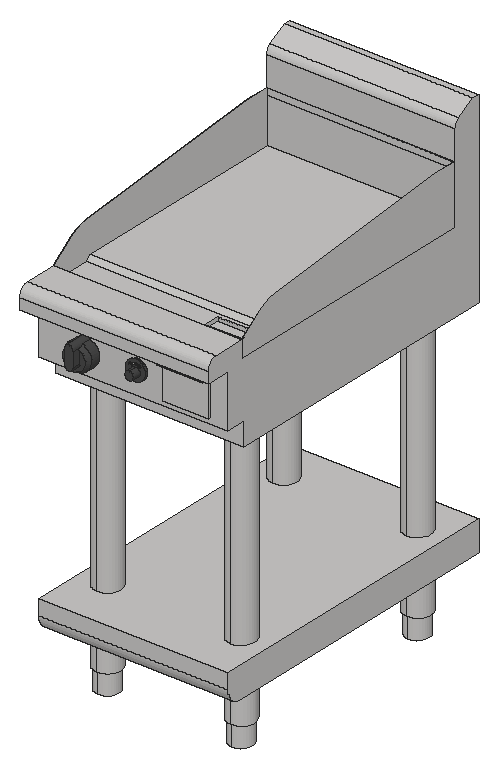
Revit family "QF_MOFFAT WALDORF_GP8450G-LS", category Specialty Equipment, Revit 2012
Parameters
  Width [instance] = 17.71654"  # constant formula
  Weight in Pounds = 198.4158
  URL Cutsheet = "www.moffat.com"
  URL = "www.moffat.com"
  Type Mark [instance] = ""
  Status [instance] = ""
  Specification by User [instance] = ""
  Specification by Manufacturer = ""
  Show Casters [instance] = no
  Serial Number = ""
  Seismic Rating = ""
  SMACNA No = ""
  Revision Code [instance] = ""
  Omniclass Number and Title = ""
  NAFEM Spec ID Number = ""
  Model = "GP8450G-LS"
  Mechanical Remarks [instance] = ""
  Mechanical Connection Type [instance] = ""
  Masterspec = ""
  Manufacturer = "MOFFAT WALDORF"
  Legs [instance] = not(Show Casters)  # yes
  Item Number [instance] = ""
  Installed By [instance] = ""
  Identify Quantity as Lot [instance] = yes
  Height [instance] = 44.48819"  # constant formula
  Gas Size = 3/4"
  Gas RI Height [instance] = 0"
  Gas KW [instance] = 11.1
  Gas Input [instance] = 37913.0 Btu/h
  Gas Connection Height = 0"
  Furnished By [instance] = ""
  Foodservice Equipment Identifier [instance] = yes
  Description = "GRIDDLE PLATE GAS ON LEG STAND"
  Depth [instance] = 31.69291"  # constant formula
  CSI MasterFormat = ""
  CSI Master Format = ""
  Base Height [instance] = 5.90551"  # constant formula
Reference planes (in)
  plane 1 "BACK": y = 0
  plane 2: z = 0
  plane 3 "LEFT": x = 0
  plane 4 "RIGHT": x = 17.71654
  plane 5 "FRONT": y = -31.69291
  plane 6 "TOP": z = 44.48819
  plane 7 "Center Y": x = 8.85827
  plane 8 "Center X": y = -15.84646
  plane 9: z = 5.90551
Forms (in)
  Extrusion 1, solid, material "QF_Finishes_Stainless Steel"
    sketch origin (0, 0, 0) x (0, 1, 0) y (0, 0, 1)
      loop
        line (-31.69291, 35.07874) -> (-31.69291, 34.09449) -> (-29.48819, 34.09449) -> (-29.48819, 29.13386) -> (-27.51969, 29.13386) -> (-27.51969, 26.9685) -> (0, 26.9685) -> (0, 44.48819) -> (-0.64961, 44.48819) -> (-2.31138, 43.52877)
        arc (-2.31138, 43.52877) -> (-2.63679, 43.20335) -> (-2.75591, 42.75882) r 0.88906
        line (-2.75591, 42.75882) -> (-2.75591, 34.44882) -> (-27.75591, 34.44882) -> (-27.75591, 36.02362) -> (-30.74803, 36.02362)
        arc (-30.74803, 36.02362) -> (-31.41616, 35.74687) -> (-31.69291, 35.07874) r 0.94488
      loop
        line (0, 8.75984) -> (-29.48819, 8.75984) -> (-29.48819, 7.40157)
        arc (-29.48819, 7.40157) -> (-29.05, 6.3437) -> (-27.99213, 5.90551) r 1.49606
        line (-27.99213, 5.90551) -> (0, 5.90551) -> (0, 8.75984)
    from 0 to 17.71654
  Extrusion 2, solid, material "QF_Finishes_Stainless Steel"
    sketch origin (0, -27.51969, 25.7874) x (1, 0, 0) y (0, -1, 0)
      loop
        circle (12.59843, -26.25984) r 0.5315
    from 0 to -1.1811
  Revolve 3, solid, material "QF_Finishes_Black"
    sketch origin (4.72487, 0, 23.61706) x (0, 1, 0) y (0, 0, -1)
      loop
        line (-30.7874, -9.03543) -> (-29.88189, -9.03543) -> (-29.88189, -7.95276) -> (-29.48819, -7.95276) -> (-29.48819, -7.75591) -> (-31.22047, -7.75591) -> (-31.22047, -8.80517) -> (-30.7874, -9.03543)
      axis (-31.22047, -7.75591) -> (-29.48819, -7.75591)
    angle from 0 to 360
  Extrusion 4, solid, material "QF_Finishes_Black"
    sketch origin (10.16855, 0, 23.62328) x (-1, 0, 0) y (0, 0, -1)
      loop
        arc (5.83784, -7.40294) -> (5.44414, -7.00924) -> (5.05044, -7.40294) r 0.3937
        line (5.05044, -7.40294) -> (5.05044, -8.7783)
        arc (5.05044, -8.7783) -> (5.44414, -9.172) -> (5.83784, -8.7783) r 0.3937
        line (5.83784, -8.7783) -> (5.83784, -7.40294)
    from 29.88189 to 31.81102
  Revolve 5, solid, material "QF_Finishes_Stainless Steel", visible <- "Legs"
    sketch origin (2.55906, -6.49606, 0) x (0, 1, 0) y (0, 0, 1)
      loop
        line (1.30906, 5.90551) -> (1.30906, 1.9685) -> (1.47638, 1.9685) -> (1.47638, 0) -> (2.55906, 0) -> (2.55906, 5.90551) -> (1.30906, 5.90551)
      axis (2.55906, 5.90551) -> (2.55906, 0)
    angle from 0 to 360
  Revolve 6, solid, material "QF_Finishes_Stainless Steel"
    sketch origin (2.55906, -28.93701, 0) x (0, 1, 0) y (0, 0, 1)
      loop
        line (3.08071, 5.90551) -> (3.08071, 1.9685) -> (3.24803, 1.9685) -> (3.24803, 0) -> (4.33071, 0) -> (4.33071, 5.90551) -> (3.08071, 5.90551)
      axis (4.33071, 5.90551) -> (4.33071, 0)
    angle from 0 to 360
  Revolve 7, solid, material "QF_Finishes_Stainless Steel", visible <- "Legs"
    sketch origin (15.11811, -6.49606, 0) x (0, 1, 0) y (0, 0, -1)
      loop
        line (1.30906, -5.90551) -> (2.55906, -5.90551) -> (2.55906, 0) -> (1.47638, 0) -> (1.47638, -1.9685) -> (1.30906, -1.9685) -> (1.30906, -5.90551)
      axis (2.55906, -5.90551) -> (2.55906, 0)
    angle from 0 to 360
  Revolve 8, solid, material "QF_Finishes_Stainless Steel"
    sketch origin (15.11811, -28.93701, 0) x (0, 1, 0) y (0, 0, -1)
      loop
        line (3.08071, -5.90551) -> (4.33071, -5.90551) -> (4.33071, 0) -> (3.24803, 0) -> (3.24803, -1.9685) -> (3.08071, -1.9685) -> (3.08071, -5.90551)
      axis (4.33071, -5.90551) -> (4.33071, 0)
    angle from 0 to 360
  Extrusion 9, solid, material "QF_Finishes_Stainless Steel"
    sketch origin (0, -27.51969, 8.75984) x (0, -1, 0) y (1, 0, 0)
      loop
        circle (-23.58268, 2.55906) r 1.25
      loop
        circle (-23.58268, 15.11811) r 1.25
      loop
        circle (-2.91339, 2.55906) r 1.25
      loop
        circle (-2.91339, 15.11811) r 1.25
    from 0 to 18.20866
  Extrusion 10, solid, material "QF_Finishes_Black"
    sketch origin (0, -29.48819, 34.09449) x (0, 0, -1) y (1, 0, 0)
      loop
        circle (2.75591, 9.25197) r 0.94488
      loop
        arc (2.36615, 9.83911) -> (2.04976, 9.25688) -> (2.35757, 8.67006) r 0.70345
        arc (2.35757, 8.67006) -> (2.37646, 8.65882) -> (2.39675, 8.6673) r 0.02445
        arc (2.39675, 8.6673) -> (2.45331, 8.76803) -> (2.46685, 8.88276) r 0.29507
        arc (2.46685, 8.88276) -> (2.45881, 8.91929) -> (2.44117, 8.95227) r 0.1367
        arc (2.44117, 8.95227) -> (2.35096, 9.24611) -> (2.4348, 9.54183) r 0.54277
        arc (2.4348, 9.54183) -> (2.46, 9.5918) -> (2.47043, 9.64678) r 0.20083
        arc (2.47043, 9.64678) -> (2.45584, 9.74594) -> (2.40486, 9.83223) r 0.26029
        arc (2.40486, 9.83223) -> (2.3867, 9.84239) -> (2.36615, 9.83911) r 0.03175
    from 0 to 0.19685
  Extrusion 11, solid, material "QF_Finishes_Black"
    sketch origin (0, -29.68504, 34.09449) x (0, 0, -1) y (1, 0, 0)
      loop
        circle (2.8937, 9.25197) r 0.3937
    from 0 to 0.71853
  Extrusion 12, solid, material "QF_Finishes_Stainless Steel"
    sketch origin (0, -29.48819, 34.09449) x (0, 0, -1) y (1, 0, 0)
      loop
        line (1.04331, 11.73228) -> (4.4685, 11.73228) -> (4.4685, 16.06299) -> (1.04331, 16.06299) -> (1.04331, 11.73228)
    from 0 to 0.09843
  Extrusion 13, solid, material "QF_Finishes_Stainless Steel"
    sketch origin (0, 0, 0) x (0, 1, 0) y (0, 0, 1)
      loop
        line (-29.58661, 33.05118) -> (-30.30296, 33.05118) -> (-30.30296, 32.95276) -> (-29.58661, 32.95276) -> (-29.58661, 33.05118)
    from 11.73228 to 16.06299
  Extrusion 14, solid, material "QF_Finishes_Stainless Steel"
    sketch origin (0, 0, 0) x (0, 1, 0) y (0, 0, 1)
      loop
        line (-2.75591, 34.44882) -> (-2.75591, 40.05906) -> (-4.99794, 40.05906) -> (-23.79656, 38.24895)
        arc (-23.79656, 38.24895) -> (-24.78188, 38.02374) -> (-25.67739, 37.55508) r 3.93701
        line (-25.67739, 37.55508) -> (-27.7324, 36.11615) -> (-27.7324, 34.44882) -> (-2.75591, 34.44882)
    from 0 to 0.07087
  Extrusion 15, solid, material "QF_Finishes_Stainless Steel"
    sketch origin (17.71654, 0, 0) x (0, -1, 0) y (0, 0, 1)
      loop
        line (2.75591, 34.44882) -> (27.7324, 34.44882) -> (27.7324, 36.11615) -> (25.67739, 37.55508)
        arc (25.67739, 37.55508) -> (24.78188, 38.02374) -> (23.79656, 38.24895) r 3.93701
        line (23.79656, 38.24895) -> (4.99794, 40.05906) -> (2.75591, 40.05906) -> (2.75591, 34.44882)
    from 0 to 0.04724
  Extrusion 16, solid, material "QF_Finishes_Stainless Steel"
    sketch origin (0, 0, 0) x (0, 1, 0) y (0, 0, 1)
      loop
        line (-2.75591, 35.23622) -> (-23.66142, 35.23622) -> (-24.0748, 34.82283) -> (-27.7324, 34.82283) -> (-27.7324, 34.44882) -> (-2.75591, 34.44882) -> (-2.75591, 35.23622)
    from 0.07087 to 17.66929
  Extrusion 17, void
    sketch origin (0, -24.0748, 34.82283) x (0, -1, 0) y (1, 0, 0)
      loop
        line (0.3937, 16.31102) -> (0.3937, 12.82677) -> (1.90945, 12.82677) -> (1.90945, 16.31102) -> (0.3937, 16.31102)
    from -1.62994 to 1.5804
  Extrusion 18, solid, material "QF_Finishes_Stainless Steel"
    sketch origin (0, -2.75591, 42.75882) x (0, 0, -1) y (1, 0, 0)
      loop
        line (2.69976, 0.07087) -> (3.29032, 0.07087) -> (3.29032, 17.66929) -> (2.69976, 17.66929) -> (2.69976, 0.07087)
    from 0 to 0.06626
Cuts and joins
  joined: Extrusion 12, Extrusion 13
  Extrusion 17 cuts Extrusion 16
  joined: Extrusion 14, Extrusion 15, Extrusion 18
Lines and regions (in)
  Split face 1
    outline origin (0, -0.64961, 44.48819) x (0, -0.866025, -0.5) y (1, 0, 0)
      loop
        line (0.17169, 0.93457) -> (1.64175, 0.93457) -> (1.64175, 1.66045) -> (0.17169, 1.66045) -> (0.17169, 0.93457)
  Split face 2
    outline origin (2.16535, -0.64961, 44.48819) x (0, -0.866025, -0.5) y (1, 0, 0)
      loop
        line (0.17169, 0.93457) -> (1.64175, 0.93457) -> (1.64175, 1.66045) -> (0.17169, 1.66045) -> (0.17169, 0.93457)
  Split face 3
    outline origin (4.33071, -0.64961, 44.48819) x (0, -0.866025, -0.5) y (1, 0, 0)
      loop
        line (0.17169, 0.93457) -> (1.64175, 0.93457) -> (1.64175, 1.66045) -> (0.17169, 1.66045) -> (0.17169, 0.93457)
  Split face 4
    outline origin (6.49606, -0.64961, 44.48819) x (0, -0.866025, -0.5) y (1, 0, 0)
      loop
        line (0.17169, 0.93457) -> (1.64175, 0.93457) -> (1.64175, 1.66045) -> (0.17169, 1.66045) -> (0.17169, 0.93457)
  Split face 5
    outline origin (8.65245, -0.5608, 44.53946) x (0, -0.866025, -0.5) y (1, 0, 0)
      loop
        line (0.17169, 0.93457) -> (1.64175, 0.93457) -> (1.64175, 1.66045) -> (0.17169, 1.66045) -> (0.17169, 0.93457)
  Split face 6
    outline origin (10.8178, -0.5608, 44.53946) x (0, -0.866025, -0.5) y (1, 0, 0)
      loop
        line (0.17169, 0.93457) -> (1.64175, 0.93457) -> (1.64175, 1.66045) -> (0.17169, 1.66045) -> (0.17169, 0.93457)
  Split face 7
    outline origin (12.98315, -0.5608, 44.53946) x (0, -0.866025, -0.5) y (1, 0, 0)
      loop
        line (0.17169, 0.93457) -> (1.64175, 0.93457) -> (1.64175, 1.66045) -> (0.17169, 1.66045) -> (0.17169, 0.93457)
  Split face 8
    outline origin (15.14851, -0.5608, 44.53946) x (0, -0.866025, -0.5) y (1, 0, 0)
      loop
        line (0.17169, 0.93457) -> (1.64175, 0.93457) -> (1.64175, 1.66045) -> (0.17169, 1.66045) -> (0.17169, 0.93457)
  symbolic lines
    curve 1: line (0, 0, 0) -> (0, -31.69291, 0)
    curve 2: line (17.71654, 0, 0) -> (0, 0, 0)
    curve 3: line (17.71654, -31.69291, 0) -> (17.71654, 0, 0)
    curve 4: line (0, -2.75591, 0) -> (17.71654, -2.75591, 0)
    curve 5: line (0, -31.69291, 0) -> (17.71654, -31.69291, 0)
    curve 6: line (17.71654, -27.75591, 0) -> (0, -27.75591, 0)
    curve 7: line (0.07087, -24.0748, 0) -> (17.65748, -24.0748, 0)
    curve 8: line (17.65748, -23.66142, 0) -> (0.07087, -23.66142, 0)
    curve 9: line (12.81496, -25.98425, 0) -> (12.81496, -24.4685, 0)
    curve 10: line (12.81496, -24.4685, 0) -> (16.29921, -24.4685, 0)
    curve 11: line (16.29921, -24.4685, 0) -> (16.29921, -25.98425, 0)
    curve 12: line (16.29921, -25.98425, 0) -> (12.81496, -25.98425, 0)
    curve 13: line (0.07087, -27.51969, 0) -> (17.66929, -27.51969, 0)
    curve 14: line (0.07087, -27.7324, 0) -> (0.07087, -2.75591, 0)
    curve 15: line (17.66929, -2.75591, 0) -> (17.66929, -27.7324, 0)
    curve 16: line (0.93457, -2.0714, 0) -> (0.93457, -0.79829, 0)
    curve 17: line (0.93457, -0.79829, 0) -> (1.66045, -0.79829, 0)
    curve 18: line (1.66045, -0.79829, 0) -> (1.66045, -2.0714, 0)
    curve 19: line (1.66045, -2.0714, 0) -> (0.93457, -2.0714, 0)
    curve 20: line (3.09992, -2.0714, 0) -> (3.09992, -0.79829, 0)
    curve 21: line (3.09992, -0.79829, 0) -> (3.82581, -0.79829, 0)
    curve 22: line (3.82581, -0.79829, 0) -> (3.82581, -2.0714, 0)
    curve 23: line (3.82581, -2.0714, 0) -> (3.09992, -2.0714, 0)
    curve 24: line (5.26527, -2.0714, 0) -> (5.26527, -0.79829, 0)
    curve 25: line (5.26527, -0.79829, 0) -> (5.99116, -0.79829, 0)
    curve 26: line (5.99116, -0.79829, 0) -> (5.99116, -2.0714, 0)
    curve 27: line (5.99116, -2.0714, 0) -> (5.26527, -2.0714, 0)
    curve 28: line (7.43063, -0.79829, 0) -> (7.43063, -2.0714, 0)
    curve 29: line (7.43063, -2.0714, 0) -> (8.15652, -2.0714, 0)
    curve 30: line (8.15652, -2.0714, 0) -> (8.15652, -0.79829, 0)
    curve 31: line (8.15652, -0.79829, 0) -> (7.43063, -0.79829, 0)
    curve 32: line (9.58701, -1.98259, 0) -> (9.58701, -0.70948, 0)
    curve 33: line (9.58701, -0.70948, 0) -> (10.3129, -0.70948, 0)
    curve 34: line (10.3129, -0.70948, 0) -> (10.3129, -1.98259, 0)
    curve 35: line (10.3129, -1.98259, 0) -> (9.58701, -1.98259, 0)
    curve 36: line (11.75237, -1.98259, 0) -> (11.75237, -0.70948, 0)
    curve 37: line (11.75237, -0.70948, 0) -> (12.47825, -0.70948, 0)
    curve 38: line (12.47825, -0.70948, 0) -> (12.47825, -1.98259, 0)
    curve 39: line (12.47825, -1.98259, 0) -> (11.75237, -1.98259, 0)
    curve 40: line (13.91772, -0.70948, 0) -> (13.91772, -1.98259, 0)
    curve 41: line (13.91772, -1.98259, 0) -> (14.64361, -1.98259, 0)
    curve 42: line (14.64361, -1.98259, 0) -> (14.64361, -0.70948, 0)
    curve 43: line (14.64361, -0.70948, 0) -> (13.91772, -0.70948, 0)
    curve 44: line (16.08307, -0.70948, 0) -> (16.08307, -1.98259, 0)
    curve 45: line (16.08307, -1.98259, 0) -> (16.80896, -1.98259, 0)
    curve 46: line (16.80896, -1.98259, 0) -> (16.80896, -0.70948, 0)
    curve 47: line (16.80896, -0.70948, 0) -> (16.08307, -0.70948, 0)
Dimensions and locks (in)
  equal spacing: plane 3 "LEFT", plane 7 "Center Y", plane 4 "RIGHT"
  "Width": plane 3 "LEFT" to plane 4 "RIGHT"
  equal spacing: plane 5 "FRONT", plane 8 "Center X", plane 1 "BACK"
  "Depth": plane 5 "FRONT" to plane 1 "BACK"
  equal spacing: plane 4 "RIGHT", plane 7 "Center Y", plane 3 "LEFT"
  plane 4 "RIGHT" to plane 3 "LEFT" = 17.71654"
  "Height": plane 6 "TOP" to level
  Extrusion 2 to level = 25.7874"
  Extrusion 2 to plane 1 "BACK" = 1.25984"
  plane 5 "FRONT" to plane 1 "BACK" = 31.69291"
  plane 6 "TOP" to level = 44.48819"
  "Base Height": plane 9 to level
  aligned and locked: level to plane 2
  aligned and locked: curve 3 to plane 4 "RIGHT"
Automatic sketch dimensions
  Extrusion 1 sketch curve to plane 5 "FRONT" = 0"
  Extrusion 1 sketch curve to plane 6 "TOP" = 0"
  Extrusion 1 sketch curve to plane 1 "BACK" = 0"  (x2)
  Extrusion 1 sketch curve to plane 5 "FRONT" = 0.94488"
  Extrusion 1 sketch curve to plane 5 "FRONT" = 2.20472"  (x2)
  Extrusion 1 sketch curve to Extrusion 1 sketch curve = 0.44453"
  Extrusion 1 sketch curve to Extrusion 1 sketch curve = 0.88906"
  Extrusion 1 sketch curve to Extrusion 1 sketch curve = 0.64961"
  Extrusion 1 sketch curve to plane 6 "TOP" = 0.95942"
  Extrusion 1 sketch curve to plane 6 "TOP" = 8.46457"
  Extrusion 1 sketch curve to Extrusion 1 sketch curve = 1.5748"
  Extrusion 1 sketch curve to Extrusion 1 sketch curve = 0.98425"
  Extrusion 1 sketch curve to Extrusion 1 sketch curve = 4.96063"
  Extrusion 1 sketch curve to Extrusion 1 sketch curve = 7.48031"
  level to Extrusion 1 sketch curve = 8.75984"
  Extrusion 1 sketch curve to Extrusion 1 sketch curve = 1.35827"
  plane 1 "BACK" to Extrusion 2 sketch curve = 1.25984"
  plane 7 "Center Y" to Extrusion 2 sketch curve = 3.74016"
  Revolve 3 sketch curve to plane 5 "FRONT" = 0.47244"
  Revolve 3 sketch curve to Revolve 3 sketch curve = 0"  (x2)
  Revolve 3 sketch curve to Revolve 3 sketch curve = 0.43307"
  Revolve 3 sketch curve to Revolve 3 sketch curve = 1/2"
  Revolve 3 sketch curve to Revolve 3 sketch curve = 0.90551"
  Revolve 3 sketch curve to Revolve 3 sketch curve = 0.3937"
  Revolve 3 sketch curve to plane 6 "TOP" = 11.83569"
  Revolve 3 sketch curve to Revolve 3 sketch curve = 0.23027"
  Revolve 3 sketch curve to Revolve 3 sketch curve = 1.08268"
  Revolve 3 sketch curve to Revolve 3 sketch curve = 0.19685"
  Extrusion 4 sketch curve to plane 7 "Center Y" = 3.74016"
  Extrusion 4 sketch curve to Extrusion 4 sketch curve = 0.3937"
  Extrusion 4 sketch curve to plane 6 "TOP" = 12.08661"
  Extrusion 4 sketch curve to Extrusion 4 sketch curve = 1.37536"
  Revolve 5 sketch curve to level = 0"
  Revolve 5 sketch curve to Revolve 5 sketch curve = 2.16535"
  level to Revolve 5 sketch curve = 1.9685"
  Revolve 5 sketch curve to Revolve 5 sketch curve = 0"
  Revolve 5 sketch curve to Revolve 5 sketch curve = 3.93701"
  Revolve 6 sketch curve to level = 0"
  Revolve 6 sketch curve to Revolve 6 sketch curve = 2.16535"
  level to Revolve 6 sketch curve = 1.9685"
  Revolve 6 sketch curve to Revolve 6 sketch curve = 0"
  Revolve 6 sketch curve to Revolve 6 sketch curve = 3.93701"
  Revolve 7 sketch curve to level = 0"
  level to Revolve 7 sketch curve = 1.9685"
  Revolve 7 sketch curve to Revolve 7 sketch curve = 0"
  Revolve 7 sketch curve to Revolve 7 sketch curve = 3.93701"
  Revolve 7 sketch curve to Revolve 7 sketch curve = 2.16535"
  Revolve 8 sketch curve to level = 0"
  level to Revolve 8 sketch curve = 1.9685"
  Revolve 8 sketch curve to Revolve 8 sketch curve = 0"
  Revolve 8 sketch curve to Revolve 8 sketch curve = 3.93701"
  Revolve 8 sketch curve to Revolve 8 sketch curve = 2.16535"
  plane 3 "LEFT" to Extrusion 9 sketch curve = 2.55906"  (x2)
  plane 4 "RIGHT" to Extrusion 9 sketch curve = 2.59843"  (x2)
  Extrusion 1 to Extrusion 10 sketch curve = 2.17271"
  Extrusion 10 sketch curve to Extrusion 10 sketch curve = 0.03772"
  Extrusion 10 sketch curve to Extrusion 10 sketch curve = 0.0594"
  Extrusion 10 sketch curve to Extrusion 10 sketch curve = 0.15788"
  Extrusion 10 sketch curve to Extrusion 10 sketch curve = 0.02698"
  Extrusion 10 sketch curve to Extrusion 10 sketch curve = 0.09632"
  Extrusion 10 sketch curve to Extrusion 10 sketch curve = 0.02061"
  Extrusion 10 sketch curve to Extrusion 10 sketch curve = 0.015"
  Extrusion 10 sketch curve to Extrusion 10 sketch curve = 0.01857"
  Extrusion 10 sketch curve to Extrusion 10 sketch curve = 0"  (x5)
  Extrusion 10 sketch curve to Extrusion 10 sketch curve = 0.02372"
  Extrusion 10 sketch curve to Extrusion 10 sketch curve = 0.16497"
  Extrusion 10 sketch curve to Extrusion 10 sketch curve = 0.11058"
  Extrusion 10 sketch curve to Extrusion 10 sketch curve = 0.02568"
  Extrusion 10 sketch curve to Extrusion 10 sketch curve = 0.03563"
  Extrusion 10 sketch curve to Extrusion 10 sketch curve = 0.31839"
  Extrusion 10 sketch curve to Extrusion 10 sketch curve = 0.00271"
  Extrusion 10 sketch curve to Extrusion 10 sketch curve = 0.1378"
  Extrusion 1 to Extrusion 10 sketch curve = 8.6673"
  Extrusion 10 sketch curve to Extrusion 10 sketch curve = 0.00276"
  Extrusion 10 sketch curve to Extrusion 10 sketch curve = 0.29944"
  Extrusion 10 sketch curve to Extrusion 10 sketch curve = 0.00026"
  Extrusion 1 to Extrusion 12 sketch curve = 1.04331"
  Extrusion 12 sketch curve to Extrusion 1 = 0.49213"
  Extrusion 1 to Extrusion 12 sketch curve = 5.98425"
  Extrusion 1 to Extrusion 12 sketch curve = 1.65354"
  Extrusion 13 sketch curve to plane 5 "FRONT" = 1.38995"
  Extrusion 13 sketch curve to Extrusion 13 sketch curve = 0.71635"
  Extrusion 13 sketch curve to plane 6 "TOP" = 11.53543"
  Extrusion 13 sketch curve to Extrusion 13 sketch curve = 0.09843"
  Extrusion 14 sketch curve to plane 6 "TOP" = 10.15812"
  Extrusion 14 sketch curve to Extrusion 14 sketch curve = 0.11875"
  Extrusion 14 sketch curve to Extrusion 14 sketch curve = 1.66733"
  Extrusion 14 sketch curve to Extrusion 14 sketch curve = 1.43893"
  Extrusion 14 sketch curve to plane 6 "TOP" = 4.42913"
  Extrusion 15 sketch curve to plane 6 "TOP" = 10.15812"
  Extrusion 15 sketch curve to Extrusion 15 sketch curve = 0.11875"
  Extrusion 15 sketch curve to Extrusion 15 sketch curve = 1.66733"
  Extrusion 15 sketch curve to Extrusion 15 sketch curve = 1.43893"
  Extrusion 15 sketch curve to plane 6 "TOP" = 4.42913"
  Extrusion 16 sketch curve to plane 6 "TOP" = 10.03937"
  Extrusion 16 sketch curve to Extrusion 16 sketch curve = 0.37402"
  Extrusion 16 sketch curve to Extrusion 16 sketch curve = 0.41339"  (x2)
  Extrusion 16 to Extrusion 17 sketch curve = 0.3937"
  Extrusion 17 sketch curve to Extrusion 17 sketch curve = 1.51575"
  Extrusion 16 to Extrusion 17 sketch curve = 4.84252"
  Extrusion 16 to Extrusion 17 sketch curve = 1.35827"
  Extrusion 1 to Split face 1 sketch curve = 0.17169"
  Split face 1 sketch curve to Extrusion 1 = 0.2771"
  Split face 1 sketch curve to Extrusion 1 = 0.93457"
  Split face 1 sketch curve to Split face 1 sketch curve = 0.72589"
  Extrusion 1 to Split face 2 sketch curve = 0.17169"
  Split face 2 sketch curve to Extrusion 1 = 0.2771"
  Split face 2 sketch curve to Extrusion 1 = 3.09992"
  Split face 2 sketch curve to Split face 2 sketch curve = 0.72589"
  Extrusion 1 to Split face 3 sketch curve = 0.17169"
  Split face 3 sketch curve to Extrusion 1 = 0.2771"
  Split face 3 sketch curve to Extrusion 1 = 5.26527"
  Split face 3 sketch curve to Split face 3 sketch curve = 0.72589"
  Extrusion 1 to Split face 4 sketch curve = 0.17169"
  Split face 4 sketch curve to Extrusion 1 = 0.2771"
  Split face 4 sketch curve to Extrusion 1 = 7.43063"
  Split face 4 sketch curve to Split face 4 sketch curve = 0.72589"
  Extrusion 1 to Split face 5 sketch curve = 0.06914"
  Split face 5 sketch curve to Extrusion 1 = 0.37965"
  Split face 5 sketch curve to Extrusion 1 = 8.12952"
  Split face 5 sketch curve to Split face 5 sketch curve = 0.72589"
  Extrusion 1 to Split face 6 sketch curve = 0.06914"
  Split face 6 sketch curve to Extrusion 1 = 0.37965"
  Split face 6 sketch curve to Extrusion 1 = 5.96417"
  Split face 6 sketch curve to Split face 6 sketch curve = 0.72589"
  Extrusion 1 to Split face 7 sketch curve = 0.06914"
  Split face 7 sketch curve to Extrusion 1 = 0.37965"
  Split face 7 sketch curve to Extrusion 1 = 3.79881"
  Split face 7 sketch curve to Split face 7 sketch curve = 0.72589"
  Extrusion 1 to Split face 8 sketch curve = 0.06914"
  Split face 8 sketch curve to Extrusion 1 = 0.37965"
  Split face 8 sketch curve to Extrusion 1 = 1.63346"
  Split face 8 sketch curve to Split face 8 sketch curve = 0.72589"
  plane 1 "BACK" to curve 1 = 0"
  curve 1 to plane 3 "LEFT" = 0"
  plane 5 "FRONT" to curve 1 = 0"
  plane 3 "LEFT" to curve 8 = 0.07087"
  plane 7 "Center Y" to curve 9 = 3.95669"
  plane 4 "RIGHT" to curve 10 = 1.41732"
  plane 4 "RIGHT" to curve 7 = 0.05906"
  plane 4 "RIGHT" to curve 8 = 0.05906"
  plane 4 "RIGHT" to curve 15 = 0.04724"
  curve 6 to curve 15 = 0.0235"
  curve 6 to curve 14 = 0.0235"
  curve 14 to curve 13 = 0.21272"
  curve 15 to curve 4 = 0"
  curve 4 to curve 14 = 0"
  plane 3 "LEFT" to curve 17 = 0.93457"
  curve 16 to curve 17 = 0.72589"
  plane 1 "BACK" to curve 16 = 0.79829"
  curve 17 to curve 20 = 1.43947"
  curve 20 to curve 22 = 0.72589"
  plane 1 "BACK" to curve 22 = 0.79829"
  curve 22 to curve 27 = 1.43947"
  curve 24 to curve 25 = 0.72589"
  plane 1 "BACK" to curve 25 = 0.79829"
  curve 29 to plane 7 "Center Y" = 1.42764"
  curve 31 to plane 7 "Center Y" = 0.70175"
  plane 1 "BACK" to curve 31 = 0.79829"
  plane 7 "Center Y" to curve 35 = 0.72874"
  curve 32 to curve 35 = 0.72589"
  plane 1 "BACK" to curve 32 = 0.70948"
  plane 1 "BACK" to curve 36 = 0.70948"
  curve 33 to curve 36 = 1.43947"
  curve 36 to curve 39 = 0.72589"
  curve 36 to curve 36 = 1.27311"
  curve 38 to curve 41 = 1.43947"
  curve 40 to curve 43 = 0.72589"
  plane 1 "BACK" to curve 43 = 0.70948"
  curve 41 to curve 44 = 1.43947"
  curve 44 to curve 47 = 0.72589"
  curve 15 to curve 45 = 0.77331"
  plane 1 "BACK" to curve 47 = 0.70948"
  curve 4 to curve 16 = 1.95761"
  curve 29 to curve 28 = 1.27311"
  curve 23 to curve 20 = 1.27311"
  curve 14 to curve 16 = 0.68451"
  curve 27 to curve 24 = 1.27311"
  curve 40 to curve 40 = 1.27311"
  curve 35 to curve 32 = 1.27311"
  Extrusion 1 sketch curve to Extrusion 1 sketch curve = 2.1063"
  plane 1 "BACK" to Revolve 5 sketch curve = 5.18701"
  Revolve 5 sketch curve to Revolve 5 sketch curve = 0.16732"
  Revolve 5 sketch curve to Revolve 5 sketch curve = 1.08268"  (x2)
  plane 1 "BACK" to Revolve 7 sketch curve = 5.18701"
  Revolve 7 sketch curve to Revolve 7 sketch curve = 0.16732"
  Revolve 7 sketch curve to Revolve 7 sketch curve = 1.08268"  (x2)
  plane 1 "BACK" to Extrusion 9 sketch curve = 5.18701"  (x2)
  Extrusion 9 sketch curve to Extrusion 9 sketch curve = 1 1/4"  (x4)
  plane 1 "BACK" to Extrusion 14 sketch curve = 4.99794"
  plane 1 "BACK" to Extrusion 14 sketch curve = 2.75591"
  plane 1 "BACK" to Extrusion 15 sketch curve = 4.99794"
  plane 1 "BACK" to Extrusion 15 sketch curve = 2.75591"
  plane 1 "BACK" to Extrusion 16 sketch curve = 2.75591"
  curve 11 to curve 10 = 1.51575"
  curve 7 to curve 8 = 0.41339"
  Revolve 6 sketch curve to Revolve 6 sketch curve = 1.08268"  (x2)
  Revolve 8 sketch curve to Revolve 8 sketch curve = 1.08268"  (x2)
  Extrusion 14 sketch curve to Extrusion 14 sketch curve = 1.88083"
  Extrusion 15 sketch curve to Extrusion 15 sketch curve = 1.88083"
  curve 6 to plane 5 "FRONT" = 3.93701"
  curve 13 to curve 12 = 1.53543"
  curve 13 to curve 7 = 3.44488"
  Extrusion 1 sketch curve to Extrusion 1 sketch curve = 1.49606"
  Extrusion 1 sketch curve to Extrusion 1 sketch curve = 1.73228"
  Extrusion 1 sketch curve to Extrusion 1 sketch curve = 1.9685"
  Revolve 6 sketch curve to plane 5 "FRONT" = 5.83661"
  Revolve 6 sketch curve to Revolve 6 sketch curve = 0.16732"
  Revolve 8 sketch curve to plane 5 "FRONT" = 5.83661"
  Revolve 8 sketch curve to Revolve 8 sketch curve = 0.16732"
  Extrusion 9 sketch curve to Extrusion 9 sketch curve = 0"  (x2)
  Extrusion 9 sketch curve to plane 8 "Center X" = 7.50984"  (x2)
  Extrusion 14 sketch curve to plane 8 "Center X" = 7.57276"
  Extrusion 14 sketch curve to Extrusion 14 sketch curve = 0.37735"
  Extrusion 14 sketch curve to Extrusion 14 sketch curve = 2.05501"
  Extrusion 15 sketch curve to plane 8 "Center X" = 7.57276"
  Extrusion 15 sketch curve to Extrusion 15 sketch curve = 0.37735"
  Extrusion 15 sketch curve to Extrusion 15 sketch curve = 2.05501"
  Extrusion 16 sketch curve to plane 8 "Center X" = 7.81496"
  Extrusion 16 sketch curve to Extrusion 16 sketch curve = 3.6576"
  Extrusion 1 to Extrusion 18 sketch curve = 0.04724"
  Extrusion 18 sketch curve to Extrusion 1 = 2.69976"
  Extrusion 18 sketch curve to Extrusion 18 sketch curve = 0.59055"
  Extrusion 1 to Extrusion 18 sketch curve = 0.07087"
  radius of Extrusion 2 sketch curve = 0.5315"
  radius of Extrusion 10 sketch curve = 0.94488"
  radius of Extrusion 11 sketch curve to Extrusion 10 = 0.14907"
Nested families (in)
  nested 1: "GP840G-LS-CASTERS" at (2.55906, -3.93701, 0), Show Casters <- "Show Casters", visible <- "Show Casters", type "GP840G-LS-CASTERS"
    with Type Mark "", Status "", Specification by User "", Show Casters no, Revision Code "", Item Number "", Installed By "", Identify Quantity as Lot yes, Furnished By "", Foodservice Equipment Identifier yes
  nested 2: "GP840G-LS-CASTERS" at (15.11811, -3.93701, 0), Show Casters <- "Show Casters", visible <- "Show Casters", type "GP840G-LS-CASTERS"
    with Type Mark "", Status "", Specification by User "", Show Casters no, Revision Code "", Item Number "", Installed By "", Identify Quantity as Lot yes, Furnished By "", Foodservice Equipment Identifier yes
Connectors (in)
  piping at (12.59843, -1.25984, 25.7874)
    settings: on Extrusion 2, index 1, connector radius 3/8", flow factor 0, pipe flow 0 GPM, pressure drop 0.00 psi, fitting loss kfactor 0, connector angle 0.00°, fixture units 0, engagement length 0", flow configuration 1, flow direction 1, fitting loss method 0, system type 7, joint type 0, gender type 0, connector reference index -1, connector utility 0, adjustable connector no, is connector primary yes, fitting loss table "", connector description "GAS CONNECTION"
Definition of nested family "GP840G-LS-CASTERS"
  Parameters (values of type "BTL8450-CB-CASTERS")
    Weight = ""
    URL Manufacturer = ""
    URL Cutsheet = ""
    URL = ""
    Type Mark [instance] = ""
    Status [instance] = ""
    Specification by User [instance] = ""
    Specification by Manufacturer = ""
    Show Casters [instance] = no
    Serial Number = ""
    Seismic Rating = ""
    SMACNA No = ""
    Revision Code [instance] = ""
    Omniclass Number and Title = ""
    NAFEM Spec ID Number = ""
    Model = ""
    MasterSpec. = ""
    Manufacturer = ""
    Item Number [instance] = ""
    Installed By [instance] = ""
    Identify Quantity as Lot [instance] = yes
    Furnished By [instance] = ""
    Foodservice Equipment Identifier [instance] = yes
    Description = ""
    CSI MasterFormat = ""
    CSI Master Format = ""
    Assembly Code = ""
  Reference planes (in)
    plane 1: z = 0
    plane 2 "RIGHT": x = 0
    plane 3 "FRONT": y = 0
    plane 4 "TOP": z = 7
  Forms (in)
    Revolve 1, solid, material "QF_Finishes_Stainless Steel", visible <- "Show Casters"
      sketch origin (0, 2.21793, 0) x (0, 1, 0) y (0, 0, 1)
        loop
          line (-2.21793, 6) -> (-2.21793, 5.55584) -> (-0.93693, 5.55584) -> (-0.93693, 6) -> (-2.21793, 6)
        axis (-2.21793, 5.55584) -> (-2.21793, 6)
      angle from 0 to 360
    Extrusion 2, solid, material "QF_Finishes_Stainless Steel", visible <- "Show Casters"
      sketch origin (-1.81294, 2.21793, 0) x (0, 1, 0) y (0, 0, 1)
        loop
          line (-3.37793, 5.55584) -> (-3.37793, 5.25584) -> (-3.23369, 5.25584)
          arc (-3.23369, 5.25584) -> (-3.1238, 5.20977) -> (-3.03725, 5.12786) r 0.33195
          line (-3.03725, 5.12786) -> (-1.55521, 1.94961)
          arc (-1.55521, 1.94961) -> (-0.54268, 1.81523) -> (-0.22336, 2.78544) r 0.8
          arc (-0.22336, 2.78544) -> (-0.27816, 2.89808) -> (-0.34988, 3.00079) r 0.8
          arc (-0.34988, 3.00079) -> (-0.37005, 3.3613) -> (-0.26088, 3.70547) r 1
          line (-0.26088, 3.70547) -> (0.31507, 4.78867)
          arc (0.31507, 4.78867) -> (-0.09241, 4.97284) -> (-0.5252, 5.08531) r 2.63
          line (-0.5252, 5.08531) -> (-0.54193, 5.25584) -> (-1.05793, 5.25584) -> (-1.05793, 5.55584) -> (-3.37793, 5.55584)
      from 0.78968 to 0.90247
    Extrusion 3, solid, material "QF_Finishes_Stainless Steel", visible <- "Show Casters"
      sketch origin (0.13094, 2.21793, 0) x (0, 1, 0) y (0, 0, 1)
        loop
          line (-3.37793, 5.55584) -> (-3.37793, 5.25584) -> (-3.23369, 5.25584)
          arc (-3.23369, 5.25584) -> (-3.1238, 5.20977) -> (-3.03725, 5.12786) r 0.33195
          line (-3.03725, 5.12786) -> (-1.55521, 1.94961)
          arc (-1.55521, 1.94961) -> (-0.54268, 1.81523) -> (-0.22336, 2.78544) r 0.8
          arc (-0.22336, 2.78544) -> (-0.27816, 2.89808) -> (-0.34988, 3.00079) r 0.8
          arc (-0.34988, 3.00079) -> (-0.37005, 3.3613) -> (-0.26088, 3.70547) r 1
          line (-0.26088, 3.70547) -> (0.31507, 4.78867)
          arc (0.31507, 4.78867) -> (-0.09241, 4.97284) -> (-0.5252, 5.08531) r 2.63
          line (-0.5252, 5.08531) -> (-0.54193, 5.25584) -> (-1.05793, 5.25584) -> (-1.05793, 5.55584) -> (-3.37793, 5.55584)
      from 0.78968 to 0.90247
    Extrusion 4, solid, material "QF_Finishes_Stainless Steel", visible <- "Show Casters"
      sketch origin (-1.93794, 2.21793, 0) x (0, 1, 0) y (0, 0, 1)
        loop
          line (-3.37793, 5.55584) -> (-3.37793, 5.25584) -> (-3.23369, 5.25584) -> (-0.7432, 5.03796) -> (0.2811, 4.72479) -> (0.31507, 4.78867)
          arc (0.31507, 4.78867) -> (-0.09241, 4.97284) -> (-0.5252, 5.08531) r 2.63
          line (-0.5252, 5.08531) -> (-0.54193, 5.25584) -> (-1.05793, 5.25584) -> (-1.05793, 5.55584) -> (-3.37793, 5.55584)
      from 1.02747 to 2.85669
    Revolve 5, solid, material "QF_Finishes_Stainless Steel", visible <- "Show Casters"
      sketch origin (-1.93794, 1.21343, 0) x (1, 0, 0) y (0, 0, 1)
        loop
          line (0.5843, 2.5041) -> (3.2907, 2.5041) -> (3.2907, 2.6421) -> (3.2407, 2.6921) -> (3.1807, 2.6921) -> (3.1807, 2.8278) -> (2.7025, 2.8278) -> (2.7025, 3.22009) -> (2.5625, 3.30092) -> (2.42847, 4.1291) -> (2.59375, 4.1291) -> (2.59375, 4.3791) -> (2.5625, 4.3791) -> (2.5625, 4.6291)
          arc (2.5625, 4.6291) -> (2.45267, 4.89426) -> (2.1875, 5.0041) r 0.375
          line (2.1875, 5.0041) -> (1.6875, 5.0041)
          arc (1.6875, 5.0041) -> (1.42233, 4.89426) -> (1.3125, 4.6291) r 0.375
          line (1.3125, 4.6291) -> (1.3125, 4.3791) -> (1.28125, 4.3791) -> (1.28125, 4.1291) -> (1.44653, 4.1291) -> (1.31307, 3.30443) -> (1.1725, 3.22327) -> (1.1725, 2.8278) -> (0.6943, 2.8278) -> (0.6943, 2.6921) -> (0.6343, 2.6921) -> (0.5843, 2.6421) -> (0.5843, 2.5041)
        axis (0.5843, 2.5041) -> (3.2907, 2.5041)
      angle from 0 to 360
  Cuts and joins
    joined: Extrusion 2, Extrusion 3, Extrusion 4
  Lines and regions (in)
    symbolic lines, style "SpecialityEquipmentHiddenLines", visible <- "Show Casters"
      curve 1: line (0.70901, 2.6399, 0) -> (1.79507, 2.01286, 0)
      curve 2: line (-1.79099, -1.69023, 0) -> (0.70901, 2.6399, 0)
      curve 3: line (-0.70493, -2.31727, 0) -> (-1.79099, -1.69023, 0)
      curve 4: line (1.79507, 2.01286, 0) -> (-0.70493, -2.31727, 0)
  Dimensions and locks (in)
    plane 4 "TOP" to level = 7"  (x2)
    Revolve 5 sketch curve to Revolve 5 sketch curve = 2 1/2"
    aligned and locked: level to plane 1
